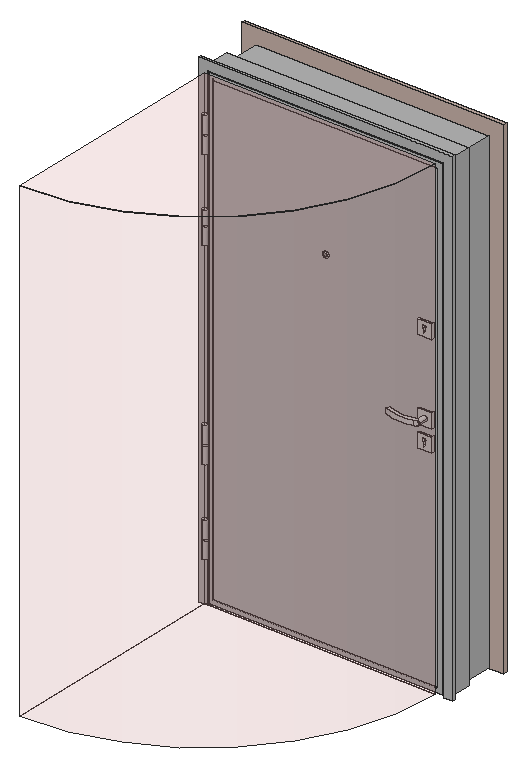
Revit family "ASSA ABLOY - DL1.3 PP60 RAPTOR, single-leaf, angular frame + PORTAL", category Doors, host Wall, Revit 2021
Family settings
  Host = Wall
  OmniClass Number = 23.30.10.00
  OmniClass Title = Doors
  Always vertical = Yes
  Cut with Voids When Loaded = No
  Shared = No
  Room Calculation Point = No
Parameters (values of type "900 x 2015 (908 x 2015)")
  Hinges Visibility = Height > 1500.000 mm  # yes
  Hinges Material = Default steel
  Handle Height = if(Height < 1300.000 mm, Height - 280.000 mm, 1055.000 mm)  # 1055.000 mm
  View finder Height = 1530.000 mm  # constant formula
  URL = "https://www.assaabloy.com/pl/pl"
  Type Comments = "Leaf made of galvanized steel 1mm thick, four-side rebated. External cladding made of 6mm thick HDF/MDF panels."
  Symbol Radius = Door Leaf Width + 5.500 mm  # 995.000 mm
  Rough Width Conversion = 142.000 mm  # constant formula
  Rough Width Adjustment = 0.000 mm  # constant formula
  Rough Height Real = Height + Rough Height Conversion + Rough Height Adjustment  # 2073.000 mm
  Rough Height Conversion = 58.000 mm  # constant formula
  Rough Height Adjustment = 0.000 mm  # constant formula
  Portal Width Top [instance] = 80.000 mm
  Portal Width Right [instance] = 80.000 mm
  Portal Width Left [instance] = 80.000 mm
  Portal Material Finish = Default laminate
  Opening Zone [instance] = yes
  Model = "Doorset_Apartments Security Entrance Door, RC3, EI60_ASSA ABLOY Opening Solutions_Hardware 3D"
  HW Item 8 = "1x 206253: Vercy door stopper, max 120 kg_ASSA ABLOY (option) "
  Glyph Material Finish = Default steel
  Frame Finish [instance] = ""
  Fire Rating = "EI60"  # constant formula
  Width Round = rounddown((Width / 5.000 mm)) * 5.000 mm  # 900.000 mm
  Thickness = 79.000 mm  # constant formula
  Smoke Rating = "Sa, S200"
  Rough Width = Width Round + 8.000 mm + Rough Width Conversion + Rough Width Adjustment  # 1050.000 mm
  Rough Height = Height Round + 12.000 mm + Rough Height Conversion + Rough Height Adjustment  # 2085.000 mm
  Readme = "The actual lintel height is consistent with the Rough Height parameter.\nThe final HW Set should be consistent with the function of the door and its  parameters.\nHardware mounted on door surface may affect the clear passage opening. For verification, please contact the specification department."
  Provider = "ASSA ABLOY Opening Solutions"
  Product Group = "Single-Steel"
  Name = "Apartments Security Entrance Door, RC3, EI60"
  Min Door Width = 800.000 mm
  Min Door Height = 2015.000 mm
  Mechanical Strength = 4
  Max Door Width = 1000.000 mm
  Max Door Height = 2315.000 mm
  Manufacturer = "ASSA ABLOY"  # constant formula
  IfcExportType = "USERDEFINED"
  IfcExportAs = "IfcDoorType"
  Rough Width Real = Width + Rough Width Conversion + Rough Width Adjustment  # 1042.000 mm
  Height Round = roundup((Height / 5.000 mm)) * 5.000 mm  # 2015.000 mm
  Hardware Set = "1.1PL"
  HW Item 7 = "1x View finder, finish silver, black, brass_YALE"
  HW Item 6 = "1x Rosette security set_Standard ASSA ABLOY"
  HW Item 5 = "1x Rosette security set (main lock)_Standard ASSA ABLOY"
  HW Item 4 = "1x Handle set_Standard ASSA ABLOY"
  HW Item 3 = "1x Mul-T-Lock 400/600: euro profile cylinder_Mul-T-Lock"
  HW Item 2 = "1x Yale Monoblock Safety 353P: mechanical mortice lockcase_YALE"
  HW Item 1 = "1x Yale Monoblock 354M: mechanical mortice lockcase (main lock)_YALE"
  Function = Interior
  Height = 2015.000 mm
  Wall Closure = By host
  Width = 900.000 mm
  Frame Type = "Corner galvanized steel frame 1,5mm thick."
  Frame Material = Default steel
  Family name = "1.1_DOORSET_DL1.3 PP60 RAPTOR_SINGLE-LEAF_CORNER FRAME_ASSA ABLOY PL"
  Environmental Product Declaration (EPD) = "To be confirmed with Provider"  # constant formula
  Environmental Management System = "To be confirmed with Provider"  # constant formula
  Edition number = "1"
  Door Type = "DL1.3 PP60 RAPTOR"
  Door Material = Default steel
  Door Leaf Width = Width Round + 89.500 mm + Rough Width Adjustment  # 989.500 mm
  Door Finish Push Side [instance] = ""
  Door Finish Pull Side [instance] = ""
  Description = "DL1.3 PP60 RAPTOR, leaf made of galvanized steel sheets 1,0mm or 0,75mm thick, four-side rebated. External cladding made of 6mm thick HDF/MDF panels. Door equipped with 4 hinges painted in RAL with 3-dimmension adjustment, includng 1 self-closing R-spring, three anti-burglary pins on the hinge side and a panoramic viewer. Mechanical strenght - 4 class according to PN-EN 1192:2001. Burglary resistance – class RC3 according to PN-EN 1627:2012. Acoustic rating - Rw=46dB according to PN-EN ISO 717-1:2013-08. Thermal transmittance - Ud = 1,3 W/m2K. Corner galvanized steel frame 1,5mm thick, equipped with fixed threshold 20 mm height."
  Date of publishing = ""
  Contact Provider = "https://www.assaabloy.com/pl/pl/solutions/topics/bim-specification/contact"
  Brand = "ASSA ABLOY Mercor Doors Sp. z o. o."  # constant formula
  Author = "www.archispace.pl"
Types (18, lengths in mm): name | Symbol Radius | Rough Height Real | Width Round | Rough Width | Rough Height | Rough Width Real | Height Round | Height | Width | Door Leaf Width
  800 x 2015 (808 x 2015) | 895.000 | 2073.000 | 800.000 | 950.000 | 2085.000 | 942.000 | 2015.000 | 2015.000 | 800.000 | 889.500
  800 x 2050 (808 x 2050) | 895.000 | 2108.000 | 800.000 | 950.000 | 2120.000 | 942.000 | 2050.000 | 2050.000 | 800.000 | 889.500
  800 x 2100 (808 x 2100) | 895.000 | 2158.000 | 800.000 | 950.000 | 2170.000 | 942.000 | 2100.000 | 2100.000 | 800.000 | 889.500
  800 x 2200 (808 x 2200) | 895.000 | 2258.000 | 800.000 | 950.000 | 2270.000 | 942.000 | 2200.000 | 2200.000 | 800.000 | 889.500
  800 x 2250 (808 x 2250) | 895.000 | 2308.000 | 800.000 | 950.000 | 2320.000 | 942.000 | 2250.000 | 2250.000 | 800.000 | 889.500
  800 x 2315 (808 x 2315) | 895.000 | 2373.000 | 800.000 | 950.000 | 2385.000 | 942.000 | 2315.000 | 2315.000 | 800.000 | 889.500
  900 x 2015 (908 x 2015) | 995.000 | 2073.000 | 900.000 | 1050.000 | 2085.000 | 1042.000 | 2015.000 | 2015.000 | 900.000 | 989.500
  900 x 2050 (908 x 2050) | 995.000 | 2108.000 | 900.000 | 1050.000 | 2120.000 | 1042.000 | 2050.000 | 2050.000 | 900.000 | 989.500
  900 x 2100 (908 x 2100) | 995.000 | 2158.000 | 900.000 | 1050.000 | 2170.000 | 1042.000 | 2100.000 | 2100.000 | 900.000 | 989.500
  900 x 2200 (908 x 2200) | 995.000 | 2258.000 | 900.000 | 1050.000 | 2270.000 | 1042.000 | 2200.000 | 2200.000 | 900.000 | 989.500
  900 x 2250 (908 x 2250) | 995.000 | 2308.000 | 900.000 | 1050.000 | 2320.000 | 1042.000 | 2250.000 | 2250.000 | 900.000 | 989.500
  900 x 2315 (908 x 2315) | 995.000 | 2373.000 | 900.000 | 1050.000 | 2385.000 | 1042.000 | 2315.000 | 2315.000 | 900.000 | 989.500
  1000 x 2015 (1008 x 2015) | 1095.000 | 2073.000 | 1000.000 | 1150.000 | 2085.000 | 1142.000 | 2015.000 | 2015.000 | 1000.000 | 1089.500
  1000 x 2050 (1008 x 2050) | 1095.000 | 2108.000 | 1000.000 | 1150.000 | 2120.000 | 1142.000 | 2050.000 | 2050.000 | 1000.000 | 1089.500
  1000 x 2100 (1008 x 2100) | 1095.000 | 2158.000 | 1000.000 | 1150.000 | 2170.000 | 1142.000 | 2100.000 | 2100.000 | 1000.000 | 1089.500
  1000 x 2200 (1008 x 2200) | 1095.000 | 2258.000 | 1000.000 | 1150.000 | 2270.000 | 1142.000 | 2200.000 | 2200.000 | 1000.000 | 1089.500
  1000 x 2250 (1008 x 2250) | 1095.000 | 2308.000 | 1000.000 | 1150.000 | 2320.000 | 1142.000 | 2250.000 | 2250.000 | 1000.000 | 1089.500
  1000 x 2315 (1008 x 2315) | 1095.000 | 2373.000 | 1000.000 | 1150.000 | 2385.000 | 1142.000 | 2315.000 | 2315.000 | 1000.000 | 1089.500
Reference planes
  plane 1: y = 0
  plane 2 "Center (Left/Right)": x = 0
  plane 3 "Exterior": y = 120
  plane 4 "Interior": y = -120
  plane 5: x = -521
  plane 6: x = 521
  plane 7: y = -53
  plane 8: y = -114
  plane 9: y = -132
  plane 10: x = -505.5
  plane 11: x = -488.5
  plane 12: x = 504
  plane 13: x = 487
  plane 14: z = 9
  plane 15: z = 2040
  plane 16: z = 26
  plane 17: x = 564
  plane 18: x = 484
  plane 19: x = -564
  plane 20: x = -484
  plane 21: z = 2118
  plane 22: z = 2038
  plane 23: y = -12
  plane 24: z = 2057
  plane 25: x = -480
  plane 26: x = 480
  plane 27: y = -53.8
  plane 28: y = -131.2
  plane 29: x = -487.7
  plane 30: x = 486.2
  plane 31: x = -504.7
  plane 32: x = 503.2
  plane 33: y = -114.8
  plane 34: z = 26.8
  plane 35: z = 9.8
  plane 36: z = 2039.2
  plane 37: y = 136
  plane 38: y = 136
  plane 39: x = -500
  plane 40: x = 500
  plane 41: x = -525
  plane 42: x = 525
  plane 43: y = -143
  plane 44: x = -510.5
  plane 45: z = 2073
  plane 46: z = 18
  plane 47: z = 2085
  plane 48: z = 2033
  plane 49: x = -440
  plane 50: x = 433
  plane 51: z = 1897
  plane 52: z = 1827
  plane 53: z = 1819
  plane 54: z = 1749
  plane 55: z = 1531
  plane 56: z = 1476
  plane 57: z = 1468
  plane 58: z = 1398
  plane 59: z = 701
  plane 60: z = 631
  plane 61: z = 623
  plane 62: z = 553
  plane 63: z = 335
  plane 64: z = 265
  plane 65: z = 257
  plane 66: z = 187
  plane 67: z = 1055
Forms (mm)
  Sweep 1, solid, material "Default steel" <- "Frame Material"
    path origin (0, -120, 0) x (1, 0, 0) y (0, 0, 1)
      loop
        line (-521, 0) -> (-521, 2074) -> (521, 2074) -> (521, 0)
    profile origin (-521, -120, 1037) x (-1, 0, 0) y (0, -1, 0)
      loop
        line (26.5, 0) -> (26.5, 12) -> (-13.5, 12) -> (-13.5, -9) -> (-26.5, -9) -> (-26.5, -83) -> (-36, -83) -> (-36, -72) -> (-41, -72) -> (-41, -108) -> (-10, -108) -> (-10, -105) -> (0, -105) -> (0, 0) -> (26.5, 0)
  Sweep 2, solid, material "Default steel" <- "Frame Material"
    path origin (-5000, -120, 0) x (1, 0, 0) y (0, 0, 1)
      loop
        line (4479, 0) -> (5521, 0)
    profile origin (0, -120, 0) x (0, 0, 1) y (0, -1, 0)
      loop
        line (0, -9) -> (0, -90) -> (18, -90) -> (18, -9) -> (0, -9)
  Sweep 3, solid, material "Default steel" <- "Door Material"
    path origin (-5000, -120, 0) x (1, 0, 0) y (0, 0, 1)
      loop
        line (4511.5, 2040) -> (4511.5, 26) -> (5487, 26) -> (5487, 2040) -> (4511.5, 2040)
    profile origin (-0.75, -120, 26) x (0, 0, -1) y (0, -1, 0)
      loop
        line (-0.8, 11.2) -> (-0.8, -5.2) -> (16.2, -5.2) -> (16.2, 11.2) -> (-0.8, 11.2)
  Sweep 4, solid, material "Default laminate" <- "Portal Material Finish"
    path origin (0, 120, 0) x (1, 0, 0) y (0, 0, 1)
      loop
        line (521, 0) -> (521, 2118)
    profile origin (521, 120, 1059) x (-1, 0, 0) y (0, -1, 0)
      loop
        line (37, 0) -> (-43, 0) -> (-43, -16) -> (37, -16) -> (37, 0)
  Sweep 5, solid, material "Default steel" <- "Glyph Material Finish"
    path origin (-5000, 0, 0) x (-1, 0, 0) y (0, 0, 1)
      loop
        line (-4479, 0) -> (-4479, 2075) -> (-5521, 2075) -> (-5521, 0)
    profile origin (-521, 0, 1037.5) x (1, 0, 0) y (0, 1, 0)
      loop
        line (21, 120) -> (21, -12) -> (37, -12) -> (37, 120) -> (21, 120)
  Sweep 6, solid, material "Default laminate" <- "Portal Material Finish"
    path origin (0, 120, 0) x (1, 0, 0) y (0, 0, 1)
      loop
        line (-521, 2118) -> (-521, 0)
    profile origin (-521, 120, 1059) x (0, -1, 0) y (1, 0, 0)
      loop
        line (-16, -43) -> (0, -43) -> (0, 37) -> (-16, 37) -> (-16, -43)
  Sweep 7, solid, material "Default laminate" <- "Portal Material Finish"
    path origin (0, 120, 0) x (1, 0, 0) y (0, 0, 1)
      loop
        line (564, 2075) -> (-564, 2075)
    profile origin (0, 120, 2075) x (0, 0, -1) y (0, -1, 0)
      loop
        line (37, 0) -> (-43, 0) -> (-43, -16) -> (37, -16) -> (37, 0)
  Sweep 8, solid, material "Default steel" <- "Door Material"
    path origin (-5000, -120, 0) x (1, 0, 0) y (0, 0, 1)
      loop
        line (5000, 26.8) -> (5000, 2039.2)
    profile origin (0, -120, 1033) x (-1, 0, 0) y (0, -1, 0)
      loop
        line (487.7, -66.2) -> (487.7, 11.2) -> (-486.2, 11.2) -> (-486.2, -66.2) -> (487.7, -66.2)
  Sweep 9, solid, material "Default steel" <- "Door Material"
    path origin (-5000, -120, 0) x (1, 0, 0) y (0, 0, 1)
      loop
        line (4511.5, 2040) -> (4511.5, 26) -> (5487, 26) -> (5487, 2040) -> (4511.5, 2040)
    profile origin (-0.75, -120, 26) x (0, 0, -1) y (0, -1, 0)
      loop
        line (0, -67) -> (0, -6) -> (17, -6) -> (17, 12) -> (-4, 12) -> (-4, 11.2) -> (16.2, 11.2) -> (16.2, -5.2) -> (-0.8, -5.2) -> (-0.8, -66.2) -> (-13, -66.2) -> (-13, -67) -> (0, -67)
  Sweep 10, solid, material "Opening zone", visible <- "Opening Zone"
    path origin (-5000, 0, 0) x (-1, 0, 0) y (0, 0, 1)
      loop
        line (-5000, 9) -> (-5000, 2057)
    profile origin (0, 0, 1033) x (1, 0, 0) y (0, 1, 0)
      loop
        line (-510.5, -143) -> (-510.5, -1138)
        arc (-510.5, -1138) -> (193.071, -846.571) -> (484.5, -143) r 995
        line (484.5, -143) -> (-510.5, -143)
  Sweep 11, solid, material "Default steel" <- "Hinges Material", detail levels fine
    path origin (-461.5, -143, 1200) x (-1, 0, 0) y (0, 0, 1)
      loop
        line (49, 697) -> (49, 627)
    profile origin (-510.5, -143, 1862) x (0, 1, 0) y (-1, 0, 0)
      loop
        circle (0, 0) r 11
  Sweep 12, solid, material "Default steel" <- "Hinges Material", detail levels fine
    path origin (-461.5, -143, 1122) x (-1, 0, 0) y (0, 0, 1)
      loop
        line (49, 697) -> (49, 627)
    profile origin (-510.5, -143, 1784) x (0, 1, 0) y (-1, 0, 0)
      loop
        circle (0, 0) r 11
  Sweep 13, solid, material "Default steel" <- "Hinges Material", detail levels fine
    path origin (-461.5, -143, 1132) x (-1, 0, 0) y (0, 0, 1)
      loop
        line (49, 695) -> (49, 687)
    profile origin (-510.5, -143, 1823) x (0, 1, 0) y (-1, 0, 0)
      loop
        circle (0, 0) r 10.5
  Sweep 14, solid, material "Default steel" <- "Hinges Material", visible <- "Hinges Visibility", detail levels fine
    path origin (-461.5, -143, 849) x (-1, 0, 0) y (0, 0, 1)
      loop
        line (49, 682) -> (49, 627)
    profile origin (-510.5, -143, 1503.5) x (0, 1, 0) y (-1, 0, 0)
      loop
        circle (0, 0) r 11
  Sweep 15, solid, material "Default steel" <- "Hinges Material", visible <- "Hinges Visibility", detail levels fine
    path origin (-461.5, -143, 771) x (-1, 0, 0) y (0, 0, 1)
      loop
        line (49, 697) -> (49, 627)
    profile origin (-510.5, -143, 1433) x (0, 1, 0) y (-1, 0, 0)
      loop
        circle (0, 0) r 11
  Sweep 16, solid, material "Default steel" <- "Hinges Material", visible <- "Hinges Visibility", detail levels fine
    path origin (-461.5, -143, 781) x (-1, 0, 0) y (0, 0, 1)
      loop
        line (49, 695) -> (49, 687)
    profile origin (-510.5, -143, 1472) x (0, 1, 0) y (-1, 0, 0)
      loop
        circle (0, 0) r 10.5
  Sweep 17, solid, material "Default steel" <- "Hinges Material", visible <- "Hinges Visibility", detail levels fine
    path origin (-461.5, -143, 5.5) x (-1, 0, 0) y (0, 0, 1)
      loop
        line (49, 695.5) -> (49, 625.5)
    profile origin (-510.5, -143, 666) x (0, 1, 0) y (-1, 0, 0)
      loop
        circle (0, 0) r 11
  Sweep 18, solid, material "Default steel" <- "Hinges Material", visible <- "Hinges Visibility", detail levels fine
    path origin (-461.5, -143, -72.5) x (-1, 0, 0) y (0, 0, 1)
      loop
        line (49, 695.5) -> (49, 625.5)
    profile origin (-510.5, -143, 588) x (0, 1, 0) y (-1, 0, 0)
      loop
        circle (0, 0) r 11
  Sweep 19, solid, material "Default steel" <- "Hinges Material", visible <- "Hinges Visibility", detail levels fine
    path origin (-461.5, -143, -62.5) x (-1, 0, 0) y (0, 0, 1)
      loop
        line (49, 693.5) -> (49, 685.5)
    profile origin (-510.5, -143, 627) x (0, 1, 0) y (-1, 0, 0)
      loop
        circle (0, 0) r 10.5
  Sweep 20, solid, material "Default steel" <- "Hinges Material", detail levels fine
    path origin (-461.5, -143, -360.5) x (-1, 0, 0) y (0, 0, 1)
      loop
        line (49, 695.5) -> (49, 625.5)
    profile origin (-510.5, -143, 300) x (0, 1, 0) y (-1, 0, 0)
      loop
        circle (0, 0) r 11
  Sweep 21, solid, material "Default steel" <- "Hinges Material", detail levels fine
    path origin (-461.5, -143, -438.5) x (-1, 0, 0) y (0, 0, 1)
      loop
        line (49, 695.5) -> (49, 625.5)
    profile origin (-510.5, -143, 222) x (0, 1, 0) y (-1, 0, 0)
      loop
        circle (0, 0) r 11
  Sweep 22, solid, material "Default steel" <- "Hinges Material", detail levels fine
    path origin (-461.5, -143, -428.5) x (-1, 0, 0) y (0, 0, 1)
      loop
        line (49, 693.5) -> (49, 685.5)
    profile origin (-510.5, -143, 261) x (0, 1, 0) y (-1, 0, 0)
      loop
        circle (0, 0) r 10.5
Cuts and joins
  joined: Sweep 1, Sweep 2
  joined: Sweep 4, Sweep 6, Sweep 7
  joined: Sweep 3, Sweep 8
Lines and regions (mm)
  Opening 1
    outline origin (-3050, -120, 0) x (1, 0, 0) y (0, 0, 1)
      loop
        line (2525, 0) -> (3575, 0) -> (3575, 2085) -> (2525, 2085) -> (2525, 0)
  Masking region 1, detail levels medium+fine
    outline origin (-1132.682, -300, 2040) x (-1, 0, 0) y (0, -1, 0)
      loop
        line (-568.682, -436) -> (-568.682, -420) -> (-648.682, -420) -> (-648.682, -436) -> (-568.682, -436)
      loop
        line (-1696.682, -436) -> (-1616.682, -436) -> (-1616.682, -420) -> (-1696.682, -420) -> (-1696.682, -436)
  Masking region 2, detail levels medium+fine
    outline origin (-1132.682, -300, 2040) x (-1, 0, 0) y (0, -1, 0)
      loop
        line (-648.682, -420) -> (-632.682, -420) -> (-632.682, -288) -> (-648.682, -288) -> (-648.682, -420)
      loop
        line (-1616.682, -420) -> (-1616.682, -288) -> (-1632.682, -288) -> (-1632.682, -420) -> (-1616.682, -420)
  Masking region 3, detail levels fine
    outline origin (-1132.682, -300, 2040) x (-1, 0, 0) y (0, -1, 0)
      loop
        line (-621.682, -288) -> (-621.682, -285) -> (-611.682, -285) -> (-611.682, -180) -> (-585.182, -180) -> (-585.182, -168) -> (-625.182, -168) -> (-625.182, -207) -> (-638.182, -207) -> (-638.182, -263) -> (-647.682, -263) -> (-647.682, -252) -> (-652.682, -252) -> (-652.682, -288) -> (-621.682, -288)
      loop
        line (-1643.682, -288) -> (-1612.682, -288) -> (-1612.682, -252) -> (-1617.682, -252) -> (-1617.682, -263) -> (-1627.182, -263) -> (-1627.182, -207) -> (-1640.182, -207) -> (-1640.182, -168) -> (-1680.182, -168) -> (-1680.182, -180) -> (-1653.682, -180) -> (-1653.682, -285) -> (-1643.682, -285) -> (-1643.682, -288)
  Masking region 4, detail levels medium
    outline origin (-1132.682, -300, 2040) x (-1, 0, 0) y (0, -1, 0)
      loop
        line (-611.682, -288) -> (-611.682, -180) -> (-585.182, -180) -> (-585.182, -168) -> (-652.682, -168) -> (-652.682, -288) -> (-611.682, -288)
      loop
        line (-1653.682, -288) -> (-1612.682, -288) -> (-1612.682, -168) -> (-1680.182, -168) -> (-1680.182, -180) -> (-1653.682, -180) -> (-1653.682, -288)
  Masking region 5, detail levels fine
    outline origin (-1132.682, -300, 2040) x (-1, 0, 0) y (0, -1, 0)
      loop
        circle (-622.182, -157) r 11
  symbolic lines, style "Elevation Swing"
    curve 1: line (504, -120, 1056.5) -> (-505.5, -120, 2057)
    curve 2: line (504, -120, 1056.5) -> (-505.5, -120, 9)
Text (mm)
  text "Exterior" at (-1376.75, 1099.543, 0), in view "Ref. Level"
  text "Exterior" at (0, 1615.38, 3698.081), in view "Left"
  text "Exterior" at (0, 1036.032, 3874.932), in view "Right"
Dimensions and locks
  host wall to curve 2 = 1056.500 mm
  locked: plane 3 "Exterior" to host wall
  locked: plane 4 "Interior" to host wall
  equal spacing: plane 5, plane 2 "Center (Left/Right)", plane 6
  "Rough Width Real": plane 5 to plane 6
  locked: plane 14 to level at 9
  locked: plane 5 to plane 10 at 15.5
  locked: plane 10 to plane 11 at 17
  locked: plane 12 to plane 6 at 17
  locked: plane 13 to plane 12 at 17
  locked: plane 16 to level at 26
  locked: plane 18 to plane 6 at 37
  "Portal Width Left": plane 18 to plane 17
  locked: plane 5 to plane 20 at 37
  "Portal Width Right": plane 19 to plane 20
  "Portal Width Top": plane 21 to plane 22
  locked: plane 4 "Interior" to plane 23 at 108
  locked: plane 5 to plane 25 at 41
  locked: plane 26 to plane 6 at 41
  locked: plane 28 to plane 9 at 0.8
  locked: plane 7 to plane 27 at 0.8
  locked: plane 11 to plane 29 at 0.8
  locked: plane 30 to plane 13 at 0.8
  locked: plane 10 to plane 31 at 0.8
  locked: plane 32 to plane 12 at 0.8
  locked: plane 33 to plane 8 at 0.8
  locked: plane 35 to plane 14 at 0.8
  locked: plane 34 to plane 16 at 0.8
  locked: plane 15 to plane 36 at 0.8
  locked: plane 3 "Exterior" to plane 37 at 16
  locked: plane 3 "Exterior" to plane 38 at 16
  locked: plane 39 to plane 20 at 16
  locked: plane 18 to plane 40 at 16
  locked: Masking region 3 sketch curve to plane 5 at 26.5
  locked: plane 5 to Masking region 3 sketch curve at 13.5
  locked: plane 5 to Masking region 3 sketch curve at 26.5
  locked: Masking region 3 sketch curve to plane 23 at 36  (x2)
  locked: Masking region 3 sketch curve to plane 23 at 81  (x2)
  locked: Masking region 3 sketch curve to plane 6 at 13.5
  locked: Masking region 3 sketch curve to plane 6 at 26.5
  locked: plane 6 to Masking region 3 sketch curve at 26.5
  locked: Masking region 4 sketch curve to plane 5 at 26.5
  locked: plane 6 to Masking region 4 sketch curve at 26.5
  locked: plane 5 to Masking region 5 sketch curve at 10.5
  locked: Masking region 5 sketch curve to plane 4 "Interior" at 23
  equal spacing: plane 41, plane 2 "Center (Left/Right)", plane 42
  "Rough Width": plane 41 to plane 42
  locked: plane 9 to plane 43 at 11
  locked: plane 41 to plane 44 at 14.5
  locked: plane 4 "Interior" to plane 33 at 5.2
  locked: plane 8 to plane 7 at 61
  locked: plane 9 to plane 4 "Interior" at 12
  locked: Masking region 3 sketch curve to plane 23 at 3  (x2)
  locked: plane 5 to Masking region 3 sketch curve at 10
  locked: Masking region 3 sketch curve to plane 23 at 25  (x2)
  locked: plane 5 to Masking region 3 sketch curve at 36
  locked: Masking region 3 sketch curve to plane 6 at 10
  locked: Masking region 3 sketch curve to plane 6 at 36
  locked: plane 46 to level at 18
  "Rough Height": plane 47 to level
  "Rough Height Real": plane 45 to level
  plane 21 to plane 45 = 45.000 mm
  locked: plane 45 to plane 24 at 16
  locked: plane 24 to plane 15 at 17
  plane 45 to plane 22 = 35.000 mm
  locked: plane 45 to plane 48 at 40
  locked: plane 5 to plane 49 at 81
  locked: plane 50 to plane 12 at 71
  locked: plane 51 to plane 52 at 70
  locked: plane 53 to plane 54 at 70
  locked: plane 52 to plane 53 at 8
  locked: plane 47 to plane 51 at 188
  locked: plane 57 to plane 58 at 70
  locked: plane 56 to plane 57 at 8
  locked: plane 55 to plane 56 at 55
  locked: plane 54 to plane 55 at 218
  locked: plane 59 to plane 60 at 70
  locked: plane 61 to plane 62 at 70
  locked: plane 60 to plane 61 at 8
  locked: plane 65 to plane 66 at 70
  locked: plane 64 to plane 65 at 8
  locked: plane 63 to plane 64 at 70
  locked: plane 62 to plane 63 at 218
  locked: plane 66 to level at 187
  locked: plane 47 to plane 22 at 47
  locked: nested 4 to plane 67 at 63
  "Handle Height": level to plane 67
  "Symbol Radius": radius of Sweep 10 sketch curve
  aligned and locked: Opening 1 sketch curve to level
  aligned and locked: plane 1 to host wall
  aligned and locked: level to Sweep 1 sketch curve  (x2)
  aligned and locked: Sweep 1 sketch curve to plane 5
  aligned and locked: plane 6 to Sweep 1 sketch curve
  aligned and locked: Sweep 2 sketch curve to level
  aligned and locked: plane 16 to Sweep 3 sketch curve
  aligned and locked: plane 11 to Sweep 3 sketch curve
  aligned and locked: plane 13 to Sweep 3 sketch curve
  aligned and locked: Sweep 3 sketch curve to plane 15
  aligned and locked: level to Sweep 4 sketch curve
  aligned and locked: plane 6 to Sweep 4 sketch curve
  aligned and locked: level to Sweep 5 sketch curve  (x2)
  aligned and locked: plane 6 to Sweep 5 sketch curve
  aligned and locked: Sweep 5 sketch curve to plane 5
  aligned and locked: Sweep 4 sketch curve to plane 18
  aligned and locked: plane 17 to Sweep 4 sketch curve
  aligned and locked: Sweep 6 sketch curve to plane 5
  aligned and locked: level to Sweep 6 sketch curve
  aligned and locked: plane 19 to Sweep 6 sketch curve
  aligned and locked: Sweep 6 sketch curve to plane 20
  aligned and locked: plane 21 to Sweep 7 sketch curve
  aligned and locked: Sweep 7 sketch curve to plane 22
  aligned and locked: plane 21 to Sweep 4 sketch curve
  aligned and locked: plane 21 to Sweep 6 sketch curve
  aligned and locked: plane 19 to Sweep 7 sketch curve
  aligned and locked: plane 17 to Sweep 7 sketch curve
  aligned and locked: Sweep 5 sketch curve to plane 3 "Exterior"
  aligned and locked: plane 23 to Sweep 5 sketch curve
  aligned and locked: plane 2 "Center (Left/Right)" to Sweep 8 sketch curve
  aligned and locked: plane 12 to curve 2
  aligned and locked: plane 24 to curve 1
  aligned and locked: plane 10 to curve 1
  aligned and locked: plane 10 to curve 2
  aligned and locked: plane 14 to curve 2
  aligned and locked: plane 16 to Sweep 9 sketch curve
  aligned and locked: plane 11 to Sweep 9 sketch curve
  aligned and locked: plane 13 to Sweep 9 sketch curve
  aligned and locked: Sweep 9 sketch curve to plane 15
  aligned and locked: Sweep 8 sketch curve to plane 27
  aligned and locked: plane 28 to Sweep 8 sketch curve
  aligned and locked: Sweep 3 sketch curve to plane 28
  aligned and locked: Sweep 8 sketch curve to plane 30
  aligned and locked: Sweep 8 sketch curve to plane 29
  aligned and locked: plane 33 to Sweep 3 sketch curve
  aligned and locked: plane 34 to Sweep 3 sketch curve
  aligned and locked: Sweep 3 sketch curve to plane 35
  aligned and locked: plane 34 to Sweep 8 sketch curve
  aligned and locked: plane 36 to Sweep 8 sketch curve
  aligned and locked: nested 1 to plane 2 "Center (Left/Right)"
  aligned and locked: plane 4 "Interior" to nested 1
  aligned and locked: Masking region 1 sketch curve to plane 19
  aligned and locked: Masking region 1 sketch curve to plane 37
  aligned and locked: Masking region 1 sketch curve to plane 3 "Exterior"
  aligned and locked: plane 38 to Masking region 1 sketch curve
  aligned and locked: plane 3 "Exterior" to Masking region 1 sketch curve
  aligned and locked: plane 17 to Masking region 1 sketch curve
  aligned and locked: plane 20 to Masking region 1 sketch curve
  aligned and locked: Masking region 1 sketch curve to plane 18
  aligned and locked: plane 39 to Masking region 2 sketch curve
  aligned and locked: Masking region 2 sketch curve to plane 3 "Exterior"
  aligned and locked: plane 23 to Masking region 2 sketch curve
  aligned and locked: Masking region 2 sketch curve to plane 20
  aligned and locked: Masking region 2 sketch curve to plane 40
  aligned and locked: Masking region 2 sketch curve to plane 23
  aligned and locked: Masking region 2 sketch curve to plane 18
  aligned and locked: plane 3 "Exterior" to Masking region 2 sketch curve
  aligned and locked: plane 9 to Masking region 3 sketch curve
  aligned and locked: plane 4 "Interior" to Masking region 3 sketch curve
  aligned and locked: Masking region 3 sketch curve to plane 5
  aligned and locked: plane 23 to Masking region 3 sketch curve
  aligned and locked: Masking region 3 sketch curve to plane 25
  aligned and locked: Masking region 3 sketch curve to plane 23
  aligned and locked: Masking region 3 sketch curve to plane 4 "Interior"
  aligned and locked: Masking region 3 sketch curve to plane 6
  aligned and locked: plane 26 to Masking region 3 sketch curve
  aligned and locked: Masking region 3 sketch curve to plane 9
  aligned and locked: Masking region 4 sketch curve to plane 25
  aligned and locked: plane 9 to Masking region 4 sketch curve
  aligned and locked: plane 23 to Masking region 4 sketch curve
  aligned and locked: Masking region 4 sketch curve to plane 5
  aligned and locked: plane 4 "Interior" to Masking region 4 sketch curve
  aligned and locked: Masking region 4 sketch curve to plane 6
  aligned and locked: Masking region 4 sketch curve to plane 4 "Interior"
  aligned and locked: Masking region 4 sketch curve to plane 23
  aligned and locked: plane 26 to Masking region 4 sketch curve
  aligned and locked: Masking region 4 sketch curve to plane 9
  aligned and locked: plane 41 to Opening 1 sketch curve
  aligned and locked: plane 42 to Opening 1 sketch curve
  aligned and locked: plane 2 "Center (Left/Right)" to Sweep 10 sketch curve
  aligned and locked: plane 44 to Sweep 10 sketch curve  (x2)
  aligned and locked: Sweep 10 sketch curve to plane 43
  aligned and locked: plane 43 to Sweep 10 sketch curve
  aligned and locked: plane 24 to Sweep 10 sketch curve
  aligned and locked: plane 14 to Sweep 10 sketch curve
  aligned and locked: plane 6 to Sweep 2 sketch curve
  aligned and locked: plane 5 to Sweep 2 sketch curve
  aligned and locked: Opening 1 sketch curve to plane 47
  aligned and locked: plane 46 to Sweep 2 sketch curve
  aligned and locked: plane 2 "Center (Left/Right)" to nested 2
  aligned and locked: nested 2 to plane 28
  aligned and locked: nested 3 to plane 28
  aligned and locked: nested 3 to plane 50
  aligned and locked: nested 4 to plane 50
  aligned and locked: nested 4 to plane 28
  aligned and locked: nested 5 to plane 28
  aligned and locked: nested 5 to plane 50
  aligned and locked: plane 44 to Sweep 11 sketch curve
  aligned and locked: plane 51 to Sweep 11 sketch curve
  aligned and locked: plane 52 to Sweep 11 sketch curve
  aligned and locked: plane 53 to Sweep 12 sketch curve
  aligned and locked: plane 54 to Sweep 12 sketch curve
  aligned and locked: plane 44 to Sweep 12 sketch curve
  aligned and locked: plane 52 to Sweep 13 sketch curve
  aligned and locked: plane 53 to Sweep 13 sketch curve
  aligned and locked: plane 44 to Sweep 13 sketch curve
  aligned and locked: plane 57 to Sweep 15 sketch curve
  aligned and locked: plane 58 to Sweep 15 sketch curve
  aligned and locked: plane 44 to Sweep 15 sketch curve
  aligned and locked: plane 44 to Sweep 16 sketch curve
  aligned and locked: plane 56 to Sweep 16 sketch curve
  aligned and locked: plane 57 to Sweep 16 sketch curve
  aligned and locked: plane 56 to Sweep 14 sketch curve
  aligned and locked: plane 44 to Sweep 14 sketch curve
  aligned and locked: plane 55 to Sweep 14 sketch curve
  aligned and locked: plane 63 to Sweep 20 sketch curve
  aligned and locked: plane 64 to Sweep 20 sketch curve
  aligned and locked: plane 44 to Sweep 20 sketch curve
  aligned and locked: plane 64 to Sweep 22 sketch curve
  aligned and locked: plane 65 to Sweep 22 sketch curve
  aligned and locked: plane 44 to Sweep 22 sketch curve
  aligned and locked: plane 65 to Sweep 21 sketch curve
  aligned and locked: plane 44 to Sweep 21 sketch curve
  aligned and locked: plane 66 to Sweep 21 sketch curve
  aligned and locked: plane 62 to Sweep 18 sketch curve
  aligned and locked: plane 44 to Sweep 18 sketch curve
  aligned and locked: plane 61 to Sweep 18 sketch curve
  aligned and locked: plane 61 to Sweep 19 sketch curve
  aligned and locked: plane 44 to Sweep 19 sketch curve
  aligned and locked: plane 60 to Sweep 19 sketch curve
  aligned and locked: plane 60 to Sweep 17 sketch curve
  aligned and locked: plane 44 to Sweep 17 sketch curve
  aligned and locked: plane 59 to Sweep 17 sketch curve
  aligned and locked: nested 3 to plane 67
Automatic sketch dimensions
  curve 2 to plane 58 = 341.500 mm
  plane 45 to Sweep 1 sketch curve = 1.000 mm
  plane 4 "Interior" to Sweep 1 sketch curve = 0.000 mm
  Sweep 1 sketch curve to profile plane = 0.000 mm
  profile plane to Sweep 1 sketch curve = 10.000 mm
  profile plane to Sweep 1 sketch curve = 13.500 mm
  Sweep 1 sketch curve to Sweep 1 sketch curve = 13.000 mm
  Sweep 1 sketch curve to Sweep 1 sketch curve = 9.500 mm
  Sweep 1 sketch curve to Sweep 1 sketch curve = 5.000 mm
  Sweep 1 sketch curve to Sweep 1 sketch curve = 26.500 mm
  Sweep 1 sketch curve to plane 4 "Interior" = 9.000 mm
  Sweep 1 sketch curve to Sweep 1 sketch curve = 63.000 mm
  Sweep 1 sketch curve to Sweep 1 sketch curve = 11.000 mm
  Sweep 1 sketch curve to Sweep 1 sketch curve = 22.000 mm
  Sweep 1 sketch curve to Sweep 1 sketch curve = 25.000 mm
  plane 4 "Interior" to Sweep 1 sketch curve = 12.000 mm
  profile plane to Sweep 2 sketch curve = 0.000 mm
  Sweep 2 sketch curve to profile plane = 90.000 mm
  Sweep 2 sketch curve to profile plane = 9.000 mm
  plane 3 "Exterior" to Sweep 4 sketch curve = 0.000 mm
  Sweep 4 sketch curve to plane 3 "Exterior" = 16.000 mm
  plane 45 to Sweep 5 sketch curve = 2.000 mm
  Sweep 5 sketch curve to profile plane = 21.000 mm
  Sweep 5 sketch curve to Sweep 5 sketch curve = 16.000 mm
  plane 3 "Exterior" to Sweep 6 sketch curve = 0.000 mm
  Sweep 6 sketch curve to plane 3 "Exterior" = 16.000 mm
  plane 45 to Sweep 7 sketch curve = 2.000 mm
  Sweep 7 sketch curve to plane 3 "Exterior" = 0.000 mm
  Sweep 7 sketch curve to plane 3 "Exterior" = 16.000 mm
  Sweep 9 sketch curve to profile plane = 0.000 mm
  profile plane to Sweep 9 sketch curve = 0.800 mm
  profile plane to Sweep 9 sketch curve = 4.000 mm
  Sweep 9 sketch curve to Sweep 9 sketch curve = 12.200 mm
  Sweep 9 sketch curve to profile plane = 16.200 mm
  Sweep 9 sketch curve to Sweep 9 sketch curve = 0.800 mm  (x4)
  Sweep 9 sketch curve to profile plane = 67.000 mm
  Sweep 9 sketch curve to profile plane = 6.000 mm
  profile plane to Sweep 9 sketch curve = 11.200 mm
  Sweep 11 sketch curve to plane 43 = 0.000 mm
  Sweep 11 sketch curve to profile plane = 0.000 mm
  Sweep 12 sketch curve to plane 43 = 0.000 mm
  Sweep 12 sketch curve to profile plane = 0.000 mm
  Sweep 13 sketch curve to plane 43 = 0.000 mm
  Sweep 13 sketch curve to profile plane = 0.000 mm
  Sweep 14 sketch curve to plane 43 = 0.000 mm
  Sweep 14 sketch curve to profile plane = 0.000 mm
  Sweep 15 sketch curve to plane 43 = 0.000 mm
  Sweep 15 sketch curve to profile plane = 0.000 mm
  Sweep 16 sketch curve to plane 43 = 0.000 mm
  Sweep 16 sketch curve to profile plane = 0.000 mm
  Sweep 17 sketch curve to plane 43 = 0.000 mm
  Sweep 17 sketch curve to profile plane = 0.000 mm
  Sweep 18 sketch curve to plane 43 = 0.000 mm
  Sweep 18 sketch curve to profile plane = 0.000 mm
  Sweep 19 sketch curve to plane 43 = 0.000 mm
  Sweep 19 sketch curve to profile plane = 0.000 mm
  Sweep 20 sketch curve to plane 43 = 0.000 mm
  Sweep 20 sketch curve to profile plane = 0.000 mm
  Sweep 21 sketch curve to plane 43 = 0.000 mm
  Sweep 21 sketch curve to profile plane = 0.000 mm
  Sweep 22 sketch curve to plane 43 = 0.000 mm
  Sweep 22 sketch curve to profile plane = 0.000 mm
  radius of Masking region 5 sketch curve = 11.000 mm
  radius of Sweep 11 sketch curve = 11.000 mm
  radius of Sweep 12 sketch curve = 11.000 mm
  radius of Sweep 13 sketch curve = 10.500 mm
  radius of Sweep 14 sketch curve = 11.000 mm
  radius of Sweep 15 sketch curve = 11.000 mm
  radius of Sweep 16 sketch curve = 10.500 mm
  radius of Sweep 17 sketch curve = 11.000 mm
  radius of Sweep 18 sketch curve = 11.000 mm
  radius of Sweep 19 sketch curve = 10.500 mm
  radius of Sweep 20 sketch curve = 11.000 mm
  radius of Sweep 21 sketch curve = 11.000 mm
  radius of Sweep 22 sketch curve = 10.500 mm
Nested families
  nested 1: "Detail_Door symbol fff" at (0, -120, 2040), type "Detail_Door symbol"
  nested 2: "View finder, finish silver, black, brass_YALE" at (0, -131.2, 1530), built-in parameter 1001364 <- "View finder Height", Thickness <- "Thickness", visible <- "Hinges Visibility", type "View finder, finish silver, black, brass_YALE", detail levels fine
    with Thickness 79.000 mm
  nested 3: "Handle set_Standard ASSA ABLOY" at (433, -131.2, 1055), built-in parameter 1001364 <- "Handle Height", type "Handle set_Standard ASSA ABLOY", detail levels fine
  nested 4: "Rosette security set_Standard ASSA ABLOY" at (433, -131.2, 962), type "Rosette security set_Standard ASSA ABLOY", detail levels fine
  nested 5: "Rosette security set_Standard ASSA ABLOY" at (433, -131.2, 1400), visible <- "Hinges Visibility", type "Rosette security set_Standard ASSA ABLOY", detail levels fine
Definition of nested family "View finder, finish silver, black, brass_YALE"
  Parameters (values of type "View finder, finish silver, black, brass_YALE")
    Thickness [instance] = 79.000 mm
    Default Elevation = 0.000 mm
  Reference planes
    plane 1 "Center (Front/Back)": y = 0
    plane 2: z = 0
    plane 3 "Center (Left/Right)": x = 0
    plane 4: z = 0
    plane 5: y = 77.4
    plane 6: y = -1.5
    plane 7: y = -3
    plane 8: y = 80.4
    plane 9: y = -2.7
    plane 10: y = -0.8
    plane 11: y = 78.2
  Forms (mm)
    Revolve 1, solid
      sketch origin (0, 0, 0) x (1, 0, 0) y (0, 1, 0)
        loop
          line (0, 0) -> (0, -1.5) -> (7.5, -1.5) -> (7.5, -3) -> (9.5, -3) -> (12.5, 0) -> (0, 0)
        axis (0, 0) -> (0, -3)
      angle from 0 to 360
    Sweep 2, solid
      path origin (0, 0, 0) x (1, 0, 0) y (0, 1, 0)
        loop
          line (0, 80.4) -> (0, 77.4)
      profile origin (0, 78.9, 0) x (1, 0, 0) y (0, 0, 1)
        loop
          circle (0, 0) r 9
    Sweep 3, solid
      path origin (0, 0, 0) x (1, 0, 0) y (0, 1, 0)
        loop
          line (0, -1.5) -> (0, -2.7)
      profile origin (0, -2.1, 0) x (1, 0, 0) y (0, 0, 1)
        loop
          circle (0, 0) r 7.5
  Dimensions and locks
    locked: plane 6 to plane 7 at 1.5
    plane 8 to plane 5 = 3.000 mm
    locked: plane 1 "Center (Front/Back)" to plane 7 at 3
    locked: plane 6 to plane 9 at 1.2
    locked: plane 11 to plane 5 at 0.8
    locked: plane 10 to plane 1 "Center (Front/Back)" at 0.8
    "Thickness": plane 11 to plane 10
    diameter of Sweep 2 sketch curve = 18.000 mm
    aligned and locked: level to plane 2
  Automatic sketch dimensions
    plane 1 "Center (Front/Back)" to Revolve 1 sketch curve = 0.000 mm
    Revolve 1 sketch curve to plane 3 "Center (Left/Right)" = 0.000 mm  (x2)
    Revolve 1 sketch curve to plane 6 = 0.000 mm
    Revolve 1 sketch curve to plane 7 = 0.000 mm
    plane 3 "Center (Left/Right)" to Revolve 1 sketch curve = 7.500 mm
    Revolve 1 sketch curve to Revolve 1 sketch curve = 2.000 mm
    Revolve 1 sketch curve to Revolve 1 sketch curve = 3.000 mm
    Revolve 1 sketch curve to plane 1 "Center (Front/Back)" = 5.000 mm
    Revolve 1 sketch curve to Revolve 1 sketch curve = 5.000 mm
    Sweep 2 sketch curve to plane 3 "Center (Left/Right)" = 0.000 mm
    Sweep 2 sketch curve to plane 5 = 0.000 mm
    Sweep 2 sketch curve to plane 8 = 0.000 mm
    Sweep 2 sketch curve to level = 0.000 mm
    profile plane to Sweep 2 sketch curve = 0.000 mm
    Sweep 3 sketch curve to plane 3 "Center (Left/Right)" = 0.000 mm
    Sweep 3 sketch curve to plane 9 = 0.000 mm
    Sweep 3 sketch curve to plane 6 = 0.000 mm
    Sweep 3 sketch curve to level = 0.000 mm
    profile plane to Sweep 3 sketch curve = 0.000 mm
    radius of Sweep 3 sketch curve = 7.500 mm
Definition of nested family "Handle set_Standard ASSA ABLOY"
  Parameters (values of type "Handle set_Standard ASSA ABLOY")
    Thickness = 79.000 mm
    Default Elevation = 0.000 mm
  Reference planes
    plane 1 "Center (Front/Back)": y = 0
    plane 2: z = 0
    plane 3 "Center (Left/Right)": x = 0
    plane 4: z = 0
    plane 5: y = 77.4
    plane 6: y = -10
    plane 7: y = 90.4
    plane 8: x = -133
    plane 9: y = -65
    plane 10: y = 145.4
    plane 11: y = -0.8
    plane 12: y = 78.2
  Forms (mm)
    Sweep 1, solid
      path origin (0, 0, 0) x (1, 0, 0) y (0, 1, 0)
        loop
          line (0, 0) -> (0, -10)
      profile origin (0, -5, 0) x (1, 0, 0) y (0, 0, 1)
        loop
          line (30, 30) -> (-30, 30) -> (-30, -30) -> (30, -30) -> (30, 30)
    Sweep 2, solid
      path origin (0, 70, 0) x (1, 0, 0) y (0, 1, 0)
        loop
          line (0, 7.4) -> (0, 20.4)
      profile origin (0, 83.9, 0) x (-1, 0, 0) y (0, 0, 1)
        loop
          line (-30, 30) -> (-30, -30) -> (30, -30) -> (30, 30) -> (-30, 30)
    Sweep 3, solid
      path origin (0, 0, 0) x (1, 0, 0) y (0, 1, 0)
        loop
          line (0, -10) -> (0, -65)
      profile origin (0, -37.5, 0) x (1, 0, 0) y (0, 0, 1)
        loop
          circle (0, 0) r 10
    Sweep 4, solid
      path origin (0, 0, 0) x (1, 0, 0) y (0, 0, 1)
        loop
          line (0, 10) -> (0, -10)
      profile origin (0, 0, 0) x (0, -1, 0) y (1, 0, 0)
        loop
          arc (33.243, 10) -> (49.965, -58.132) -> (36.109, -126.903) r 160.917
          line (36.109, -126.903) -> (49.814, -133)
          arc (49.814, -133) -> (65, -61.5) -> (49.814, 10) r 175.917
          line (49.814, 10) -> (33.243, 10)
    Sweep 5, void
      path origin (0, 0, 0) x (1, 0, 0) y (0, 0, 1)
        loop
          line (0, 10) -> (0, -10)
      profile origin (0, 0, 0) x (0, -1, 0) y (1, 0, 0)
        loop
          arc (43.629, 22.537) -> (53.667, 0.62) -> (60.614, -22.463) r 175.917
          line (60.614, -22.463) -> (65, -22.463) -> (65, 22.537) -> (43.629, 22.537)
    Sweep 6, void
      path origin (0, 0, 0) x (1, 0, 0) y (0, 1, 0)
        loop
          line (0, -10) -> (0, -55)
      profile origin (0, -32.5, 0) x (1, 0, 0) y (0, 0, 1)
        loop
          line (0, -10) -> (15, -10) -> (15, 10) -> (0, 10)
          arc (0, 10) -> (10, 0) -> (0, -10) r 10
    Sweep 7, solid
      path origin (0, 76, 0) x (1, 0, 0) y (0, 1, 0)
        loop
          line (0, 14.4) -> (0, 69.4)
      profile origin (0, 117.9, 0) x (-1, 0, 0) y (0, 0, 1)
        loop
          circle (0, 0) r 10
    Sweep 8, solid
      path origin (-184.672, 77.4, 1200) x (-1, 0, 0) y (0, 0, 1)
        loop
          line (-184.672, -1190) -> (-184.672, -1210)
      profile origin (0, 77.4, 0) x (0, 1, 0) y (-1, 0, 0)
        loop
          line (36.243, -10) -> (52.814, -10)
          arc (52.814, -10) -> (68, 61.5) -> (52.814, 133) r 175.917
          line (52.814, 133) -> (39.109, 126.903)
          arc (39.109, 126.903) -> (52.965, 58.132) -> (36.243, -10) r 160.917
    Sweep 9, void
      path origin (-184.672, 77.4, 1200) x (-1, 0, 0) y (0, 0, 1)
        loop
          line (-184.672, -1190) -> (-184.672, -1210)
      profile origin (0, 77.4, 0) x (0, 1, 0) y (-1, 0, 0)
        loop
          line (46.629, -21.928) -> (68, -21.928) -> (68, 22.463) -> (63.614, 22.463)
          arc (63.614, 22.463) -> (56.654, -0.319) -> (46.629, -21.928) r 172.993
    Sweep 10, void
      path origin (0, 76, 0) x (1, 0, 0) y (0, 1, 0)
        loop
          line (0, 14.4) -> (0, 59.4)
      profile origin (0, 112.9, 0) x (-1, 0, 0) y (0, 0, 1)
        loop
          arc (0, -10) -> (-10, 0) -> (0, 10) r 10
          line (0, 10) -> (-15, 10) -> (-15, -10) -> (0, -10)
  Cuts and joins
    Sweep 5, Sweep 9, Sweep 10 cuts Sweep 3
    Sweep 6, Sweep 9, Sweep 10 cuts Sweep 4
    joined: Sweep 3, Sweep 4
    Sweep 10 cuts Sweep 1
    Sweep 9 cuts Sweep 7
    Sweep 10 cuts Sweep 8
    joined: Sweep 7, Sweep 8
  Dimensions and locks
    locked: plane 7 to plane 5 at 13
    locked: plane 6 to plane 9 at 55
    locked: plane 10 to plane 7 at 55
    locked: plane 12 to plane 5 at 0.8
    "Thickness": plane 12 to plane 11
    locked: plane 1 "Center (Front/Back)" to plane 11 at 0.8
    locked: plane 6 to plane 1 "Center (Front/Back)" at 10
    aligned and locked: level to plane 2
  Automatic sketch dimensions
    Sweep 1 sketch curve to plane 3 "Center (Left/Right)" = 0.000 mm
    Sweep 1 sketch curve to plane 6 = 0.000 mm
    plane 1 "Center (Front/Back)" to Sweep 1 sketch curve = 0.000 mm
    profile plane to Sweep 1 sketch curve = 30.000 mm
    Sweep 1 sketch curve to profile plane = 30.000 mm
    Sweep 1 sketch curve to level = 30.000 mm
    level to Sweep 1 sketch curve = 30.000 mm
    Sweep 2 sketch curve to plane 3 "Center (Left/Right)" = 0.000 mm
    Sweep 2 sketch curve to plane 5 = 0.000 mm
    Sweep 2 sketch curve to plane 7 = 0.000 mm
    profile plane to Sweep 2 sketch curve = 30.000 mm
    Sweep 2 sketch curve to profile plane = 30.000 mm
    Sweep 2 sketch curve to level = 30.000 mm
    level to Sweep 2 sketch curve = 30.000 mm
    Sweep 3 sketch curve to plane 3 "Center (Left/Right)" = 0.000 mm
    Sweep 3 sketch curve to plane 9 = 0.000 mm
    Sweep 3 sketch curve to plane 6 = 0.000 mm
    Sweep 3 sketch curve to level = 0.000 mm
    profile plane to Sweep 3 sketch curve = 0.000 mm
    Sweep 4 sketch curve to plane 3 "Center (Left/Right)" = 0.000 mm
    Sweep 4 sketch curve to level = 10.000 mm
    level to Sweep 4 sketch curve = 10.000 mm
    Sweep 4 sketch curve to Sweep 4 sketch curve = 0.000 mm  (x2)
    Sweep 4 sketch curve to plane 1 "Center (Front/Back)" = 110.917 mm
    Sweep 4 sketch curve to profile plane = 10.000 mm
    plane 1 "Center (Front/Back)" to Sweep 4 sketch curve = 33.243 mm
    plane 1 "Center (Front/Back)" to Sweep 4 sketch curve = 36.109 mm
    Sweep 4 sketch curve to Sweep 4 sketch curve = 16.572 mm
    Sweep 4 sketch curve to Sweep 4 sketch curve = 13.705 mm
    profile plane to Sweep 4 sketch curve = 61.500 mm
    Sweep 5 sketch curve to plane 3 "Center (Left/Right)" = 0.000 mm
    Sweep 5 sketch curve to level = 10.000 mm
    level to Sweep 5 sketch curve = 10.000 mm
    Sweep 5 sketch curve to profile plane = 110.917 mm
    Sweep 5 sketch curve to profile plane = 22.537 mm
    profile plane to Sweep 5 sketch curve = 43.629 mm
    profile plane to Sweep 5 sketch curve = 22.463 mm
    Sweep 5 sketch curve to Sweep 5 sketch curve = 16.985 mm
    Sweep 5 sketch curve to Sweep 5 sketch curve = 21.371 mm
    Sweep 6 sketch curve to plane 3 "Center (Left/Right)" = 0.000 mm
    Sweep 6 sketch curve to plane 6 = 0.000 mm
    plane 9 to Sweep 6 sketch curve = 10.000 mm
    profile plane to Sweep 6 sketch curve = 0.000 mm
    Sweep 6 sketch curve to level = 0.000 mm
    Sweep 6 sketch curve to profile plane = 15.000 mm
    Sweep 6 sketch curve to level = 10.000 mm
    Sweep 7 sketch curve to plane 3 "Center (Left/Right)" = 0.000 mm
    Sweep 7 sketch curve to plane 7 = 0.000 mm
    plane 10 to Sweep 7 sketch curve = 0.000 mm
    Sweep 7 sketch curve to level = 0.000 mm
    Sweep 7 sketch curve to profile plane = 0.000 mm
    Sweep 8 sketch curve to plane 3 "Center (Left/Right)" = 0.000 mm
    Sweep 8 sketch curve to level = 10.000 mm
    level to Sweep 8 sketch curve = 10.000 mm
    Sweep 8 sketch curve to Sweep 8 sketch curve = 0.000 mm  (x2)
    Sweep 8 sketch curve to plane 5 = 107.917 mm
    profile plane to Sweep 8 sketch curve = 10.000 mm
    plane 5 to Sweep 8 sketch curve = 36.243 mm
    plane 5 to Sweep 8 sketch curve = 39.109 mm
    Sweep 8 sketch curve to Sweep 8 sketch curve = 16.572 mm
    Sweep 8 sketch curve to Sweep 8 sketch curve = 13.705 mm
    Sweep 8 sketch curve to profile plane = 61.500 mm
    Sweep 9 sketch curve to plane 3 "Center (Left/Right)" = 0.000 mm
    Sweep 9 sketch curve to level = 10.000 mm
    level to Sweep 9 sketch curve = 10.000 mm
    Sweep 9 sketch curve to plane 5 = 104.917 mm
    plane 5 to Sweep 9 sketch curve = 46.629 mm
    Sweep 9 sketch curve to profile plane = 22.463 mm
    Sweep 9 sketch curve to Sweep 9 sketch curve = 16.985 mm
    Sweep 9 sketch curve to Sweep 9 sketch curve = 21.371 mm
    profile plane to Sweep 9 sketch curve = 21.928 mm
    Sweep 10 sketch curve to plane 3 "Center (Left/Right)" = 0.000 mm
    Sweep 10 sketch curve to plane 7 = 0.000 mm
    plane 10 to Sweep 10 sketch curve = 10.000 mm
    Sweep 10 sketch curve to profile plane = 0.000 mm
    Sweep 10 sketch curve to level = 0.000 mm
    Sweep 10 sketch curve to Sweep 10 sketch curve = 15.000 mm
    Sweep 10 sketch curve to level = 10.000 mm
    radius of Sweep 3 sketch curve = 10.000 mm
    radius of Sweep 7 sketch curve = 10.000 mm
Definition of nested family "Rosette security set_Standard ASSA ABLOY"
  Parameters (values of type "Rosette security set_Standard ASSA ABLOY")
    Thickness = 79.000 mm
    Default Elevation = 0.000 mm
  Reference planes
    plane 1 "Center (Front/Back)": y = 0
    plane 2: z = 0
    plane 3 "Center (Left/Right)": x = 0
    plane 4: z = 0
    plane 5: y = 77.4
    plane 6: y = -10
    plane 7: y = 90.4
    plane 8: x = -133
    plane 9: y = -0.8
    plane 10: y = 78.2
    plane 11: y = 91.4
  Forms (mm)
    Sweep 1, solid
      path origin (0, 0, 0) x (1, 0, 0) y (0, 1, 0)
        loop
          line (0, 0) -> (0, -10)
      profile origin (0, -5, 0) x (1, 0, 0) y (0, 0, 1)
        loop
          line (30, 30) -> (-30, 30) -> (-30, -30) -> (30, -30) -> (30, 30)
    Sweep 2, solid
      path origin (0, 70, 0) x (1, 0, 0) y (0, 1, 0)
        loop
          line (0, 7.4) -> (0, 20.4)
      profile origin (0, 83.9, 0) x (-1, 0, 0) y (0, 0, 1)
        loop
          line (-30, 30) -> (-30, -30) -> (30, -30) -> (30, 30) -> (-30, 30)
    Sweep 3, void
      path origin (0, 0, 0) x (1, 0, 0) y (0, 1, 0)
        loop
          line (0, -10) -> (0, -0.8)
      profile origin (0, -5.4, 0) x (-1, 0, 0) y (0, 0, 1)
        loop
          arc (5.25, 1) -> (0, 16.75) -> (-5.25, 1) r 8.75
          line (-5.25, 1) -> (-5.25, -11.5)
          arc (-5.25, -11.5) -> (0, -16.75) -> (5.25, -11.5) r 5.25
          line (5.25, -11.5) -> (5.25, 1)
    Sweep 4, solid
      path origin (0, 76, 0) x (1, 0, 0) y (0, 1, 0)
        loop
          line (0, 14.4) -> (0, 15.4)
      profile origin (0, 90.9, 0) x (-1, 0, 0) y (0, 0, 1)
        loop
          circle (0, 8) r 8.75
        loop
          arc (13.5, 8) -> (0, 21.5) -> (-13.5, 8) r 13.5
          line (-13.5, 8) -> (-13.5, -6)
          arc (-13.5, -6) -> (0, -19.5) -> (13.5, -6) r 13.5
          line (13.5, -6) -> (13.5, 8)
    Sweep 5, solid
      path origin (0, 76, 0) x (1, 0, 0) y (0, 1, 0)
        loop
          line (0, 14.4) -> (0, 15.4)
      profile origin (0, 90.9, 0) x (-1, 0, 0) y (0, 0, 1)
        loop
          circle (0, 8) r 8.5
    Sweep 6, void
      path origin (0, 77.909, 0) x (1, 0, 0) y (0, 1, 0)
        loop
          line (0, 12.491) -> (0, 13.491)
      profile origin (0, 90.9, 0) x (-1, 0, 0) y (0, 0, 1)
        loop
          line (-6, 6) -> (6, 6)
          arc (6, 6) -> (8, 8) -> (6, 10) r 2
          line (6, 10) -> (-6, 10)
          arc (-6, 10) -> (-8, 8) -> (-6, 6) r 2
  Cuts and joins
    Sweep 3 cuts Sweep 1
    Sweep 6 cuts Sweep 5
  Dimensions and locks
    locked: plane 7 to plane 5 at 13
    locked: plane 10 to plane 5 at 0.8
    "Thickness": plane 10 to plane 9
    locked: plane 1 "Center (Front/Back)" to plane 9 at 0.8
    locked: plane 6 to plane 1 "Center (Front/Back)" at 10
    locked: plane 11 to plane 7 at 1
    aligned and locked: level to plane 2
    aligned and locked: plane 9 to Sweep 3 sketch curve
    aligned and locked: plane 11 to Sweep 4 sketch curve
    aligned and locked: plane 11 to Sweep 5 sketch curve
    aligned and locked: plane 7 to Sweep 5 sketch curve
    aligned and locked: plane 3 "Center (Left/Right)" to Sweep 5 sketch curve
    aligned and locked: plane 7 to Sweep 6 sketch curve
    aligned and locked: plane 11 to Sweep 6 sketch curve
    aligned and locked: plane 3 "Center (Left/Right)" to Sweep 6 sketch curve
  Automatic sketch dimensions
    Sweep 1 sketch curve to plane 3 "Center (Left/Right)" = 0.000 mm
    Sweep 1 sketch curve to plane 6 = 0.000 mm
    plane 1 "Center (Front/Back)" to Sweep 1 sketch curve = 0.000 mm
    profile plane to Sweep 1 sketch curve = 30.000 mm
    Sweep 1 sketch curve to profile plane = 30.000 mm
    Sweep 1 sketch curve to level = 30.000 mm
    level to Sweep 1 sketch curve = 30.000 mm
    Sweep 2 sketch curve to plane 3 "Center (Left/Right)" = 0.000 mm
    Sweep 2 sketch curve to plane 5 = 0.000 mm
    Sweep 2 sketch curve to plane 7 = 0.000 mm
    profile plane to Sweep 2 sketch curve = 30.000 mm
    Sweep 2 sketch curve to profile plane = 30.000 mm
    Sweep 2 sketch curve to level = 30.000 mm
    level to Sweep 2 sketch curve = 30.000 mm
    Sweep 3 sketch curve to plane 3 "Center (Left/Right)" = 0.000 mm
    Sweep 3 sketch curve to plane 6 = 0.000 mm
    Sweep 3 sketch curve to profile plane = 0.000 mm  (x2)
    profile plane to Sweep 3 sketch curve = 5.250 mm
    Sweep 3 sketch curve to level = 11.500 mm
    level to Sweep 3 sketch curve = 1.000 mm
    level to Sweep 3 sketch curve = 8.000 mm
    Sweep 4 sketch curve to plane 3 "Center (Left/Right)" = 0.000 mm
    Sweep 4 sketch curve to plane 7 = 0.000 mm
    Sweep 4 sketch curve to Sweep 4 sketch curve = 0.000 mm  (x2)
    Sweep 4 sketch curve to profile plane = 0.000 mm
    Sweep 4 sketch curve to level = 6.000 mm
    profile plane to Sweep 4 sketch curve = 13.500 mm
    level to Sweep 4 sketch curve = 8.000 mm
    Sweep 5 sketch curve to profile plane = 0.000 mm
    level to Sweep 5 sketch curve = 8.000 mm
    profile plane to Sweep 6 sketch curve = 6.000 mm
    Sweep 6 sketch curve to profile plane = 6.000 mm
    level to Sweep 6 sketch curve = 6.000 mm
    Sweep 6 sketch curve to Sweep 6 sketch curve = 2.000 mm
    radius of Sweep 4 sketch curve = 8.750 mm
    radius of Sweep 5 sketch curve = 8.500 mm
Definition of nested family "Detail_Door symbol fff"
  Parameters (values of type "Detail_Door symbol")
    Symbol Radius = 995.000 mm
    Rough Width = 1042.000 mm
    Door Leaf Width = 989.500 mm
  Reference planes
    plane 1 "Center (Front/Back)": y = 0
    plane 2: z = 0
    plane 3 "Center (Left/Right)": x = 0
    plane 4: x = -521
    plane 5: x = 521
    plane 6: y = -23
    plane 7: x = -510.5
    plane 8: y = -28.5
    plane 9: y = -45.5
    plane 10: y = -1001
    plane 11: y = -1018
    plane 12: x = -499
    plane 13: x = -481
    plane 14: x = -420
    plane 15: y = -947
  Lines and regions (mm)
    Filled region 1, type "Solid Fill - White", in view "Ref. Level", detail levels fine
      outline origin (28.5, 43.059, 0) x (1, 0, 0) y (0, 1, 0)
        loop
          line (-527.5, -71.559) -> (-527.5, -1061.059) -> (-509.5, -1061.059) -> (-509.5, -1044.059) -> (-448.5, -1044.059) -> (-448.5, -88.559) -> (-509.5, -88.559) -> (-509.5, -71.559) -> (-527.5, -71.559)
    Filled region 2, type "Solid Fill - White", in view "Ref. Level", detail levels medium
      outline origin (28.5, 43.059, 0) x (1, 0, 0) y (0, 1, 0)
        loop
          line (-527.5, -71.559) -> (-527.5, -1061.059) -> (-448.5, -1061.059) -> (-448.5, -71.559) -> (-527.5, -71.559)
    detail lines, in view "Ref. Level"
      curve 1: arc (-510.5, -1018, 0) -> (193.071, -726.571, 0) -> (484.5, -23, 0) r 995
    detail lines, in view "Ref. Level", detail levels coarse
      curve 2: line (-510.5, -1018, 0) -> (-510.5, -23, 0)
    detail lines, in view "Ref. Level", detail levels fine
      curve 3: arc (-535.109, -820.099, 0) -> (-548.827, -878.038, 0) -> (-540.536, -937, 0) r 160.909
      curve 4: arc (-548.814, -814.002, 0) -> (-564, -885.501, 0) -> (-548.815, -957, 0) r 175.917
      curve 5: line (-548.814, -814.002, 0) -> (-535.109, -820.099, 0)
      curve 6: line (-499, -917, 0) -> (-509, -917, 0)
      curve 7: line (-509, -917, 0) -> (-509, -937, 0)
      curve 8: line (-509, -937, 0) -> (-540.536, -937, 0)
      curve 9: line (-499, -977, 0) -> (-509, -977, 0)
      curve 10: line (-509, -977, 0) -> (-509, -957, 0)
      curve 11: line (-509, -957, 0) -> (-548.815, -957, 0)
      curve 12: arc (-383.891, -820.099, 0) -> (-370.173, -878.038, 0) -> (-378.464, -937, 0) r 160.909
      curve 13: arc (-370.186, -814.002, 0) -> (-355, -885.501, 0) -> (-370.185, -957, 0) r 175.917
      curve 14: line (-370.186, -814.002, 0) -> (-383.891, -820.099, 0)
      curve 15: line (-420, -917, 0) -> (-410, -917, 0)
      curve 16: line (-410, -917, 0) -> (-410, -937, 0)
      curve 17: line (-410, -937, 0) -> (-378.464, -937, 0)
      curve 18: line (-420, -977, 0) -> (-410, -977, 0)
      curve 19: line (-410, -977, 0) -> (-410, -957, 0)
      curve 20: line (-410, -957, 0) -> (-370.185, -957, 0)
  Dimensions and locks
    equal spacing: plane 4, plane 3 "Center (Left/Right)", plane 5
    "Rough Width": plane 4 to plane 5
    plane 4 to plane 7 = 10.500 mm
    locked: plane 8 to plane 9 at 17
    locked: plane 11 to plane 10 at 17
    "Door Leaf Width": plane 11 to plane 8
    plane 8 to plane 6 to plane 1 "Center (Front/Back)" = 5.500 mm locked, 23.000 mm locked
    locked: plane 12 to plane 13 at 18
    locked: plane 13 to plane 14 at 61
    locked: plane 7 to plane 12 at 11.5
    locked: plane 11 to plane 15 at 71
    "Symbol Radius": radius of curve 1
    aligned and locked: plane 7 to curve 1
    aligned and locked: plane 6 to curve 1
    aligned and locked: plane 12 to Filled region 1 sketch curve
    aligned and locked: Filled region 1 sketch curve to plane 11
    aligned and locked: Filled region 1 sketch curve to plane 13  (x2)
    aligned and locked: plane 10 to Filled region 1 sketch curve
    aligned and locked: Filled region 1 sketch curve to plane 14
    aligned and locked: Filled region 1 sketch curve to plane 8
    aligned and locked: plane 9 to Filled region 1 sketch curve
    aligned and locked: Filled region 2 sketch curve to plane 8
    aligned and locked: Filled region 2 sketch curve to plane 14
    aligned and locked: plane 12 to Filled region 2 sketch curve
    aligned and locked: Filled region 2 sketch curve to plane 11
  Automatic sketch dimensions
    curve 6 to plane 12 = 0.000 mm
    curve 9 to plane 12 = 0.000 mm
    curve 18 to plane 14 = 0.000 mm
    curve 15 to plane 14 = 0.000 mm
    curve 2 to plane 6 = 0.000 mm
    curve 12 to plane 4 = 9.909 mm
    curve 13 to curve 12 = 0.008 mm
    curve 5 to plane 4 = 14.109 mm
    plane 15 to curve 8 = 10.000 mm
    curve 8 to plane 4 = 19.536 mm
    curve 5 to curve 3 = 13.705 mm
    curve 11 to plane 15 = 10.000 mm
    curve 11 to curve 3 = 8.279 mm
    curve 7 to plane 7 = 1.500 mm
    curve 11 to plane 7 = 1.500 mm
    curve 15 to curve 16 = 10.000 mm
    plane 14 to curve 20 = 10.000 mm
    plane 14 to curve 3 = 31.909 mm
    curve 3 to curve 4 = 0.008 mm
    plane 14 to curve 14 = 36.109 mm
    plane 15 to curve 17 = 10.000 mm
    curve 16 to curve 17 = 31.536 mm
    curve 14 to curve 14 = 13.705 mm
    curve 20 to plane 15 = 10.000 mm
    curve 12 to curve 20 = 8.279 mm
    curve 10 to curve 10 = 20.000 mm
    curve 19 to curve 19 = 20.000 mm
    curve 7 to curve 6 = 20.000 mm
    curve 16 to curve 16 = 20.000 mm
    curve 15 to curve 4 = 31.498 mm
    curve 6 to curve 13 = 31.498 mm
    curve 13 to curve 12 = 0.002 mm
    curve 4 to curve 3 = 0.002 mm
